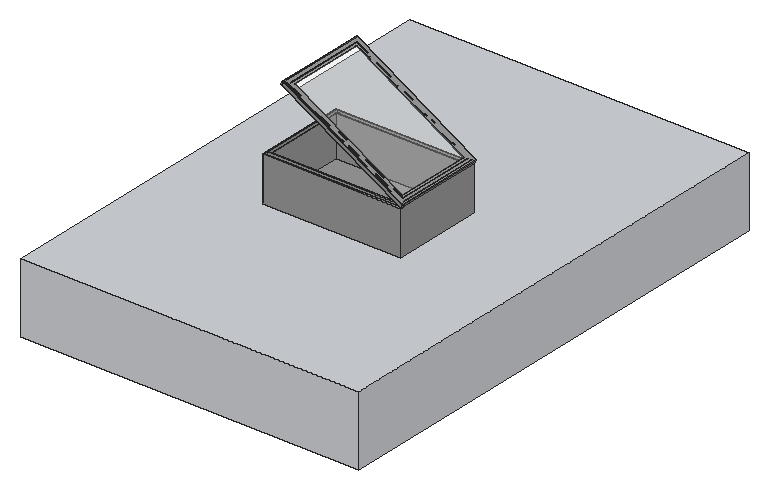
Revit family "Hager-Orion_Inox-IP66-D210-Cl.I-Inox_encl-630A-400mm-CH-en", category Equipement électrique, Revit 2020
Family settings
  Hôte = Face
  Configuration du panneau = Deux colonnes, circuits au sein
  Cote de connecteur circulaire = Utiliser le diamètre
  Type d'élément = Tableau de raccordement
  Couper avec des vides une fois chargée = Non
  Partagée = Non
  Point de calcul de pièce = Non
Parameters (values of type "Surface mounted (plaster) IP66 W600 H400 D210  - FL017TWL")
  Width Control [instance] = if([EF000008 - Width] > Min Width, [EF000008 - Width], Min Width)  # 600 mm
  Commentaires du type = [HG000003 - Range]  # "Orion Inox"
  Thickness Door [instance] = if([EF009171 - Material plate thickness door/cover] > 3 mm, 3 mm, [EF009171 - Material plate thickness door/cover])  # 1.5 mm
  Seal Frame Offset [instance] = 17 mm  # constant formula
  Model = ""
  Min Width [instance] = 100 mm  # constant formula
  Min Height [instance] = 100 mm  # constant formula
  Min Depth [instance] = (2 * [EF009170 - Material plate thickness cabinet]) + 1 mm  # 4 mm
  Internal Frame Depth [instance] = (Door System Depth * 0.5)  # 9 mm
  Height Control [instance] = if([EF000040 - Height] > Min Height, [EF000040 - Height], Min Height)  # 400 mm
  HG000027 - Plinth height = 0 mm
  HG000026 - Floor standing = no
  HG000024 - Bottom section height = 800 mm
  HG000023 - Double section enclosure = no
  HG000016 - Door 3d visibility [instance] = yes
  HG000015 - Clearance visibility [instance] = no
  HG000014 - Door on the right [instance] = yes
  HG000013 - Door on the left [instance] = not([HG000014 - Door on the right])  # no
  HG000012 - Door swing angle [instance] = 30.00°
  HG000010 - Asymmetric doors = no
  HG000009 - Double swing door = no
  HG000006 - Flush mounted = no
  HG000004 - Manufacturer reference = "FL017TWL"
  HG000003 - Range = "Orion Inox"
  HG000002 - With door or cover = yes
  Frame Offset Bottom [instance] = 10 mm  # constant formula
  Frame Offset [instance] = 15 mm  # constant formula
  EF015940 - Cover with overpressure release = no
  EF011959 - Degree of protection (NEMA) = ""
  EF009554 - Number of openings for flange plates = 0
  EF009212 - Cover model = "EV000116 - Closed"
  EF009171 - Material plate thickness door/cover = 1.5 mm
  EF009170 - Material plate thickness cabinet = 1.5 mm
  Fabricant = "Hager"  # constant formula
  EF008873 - Nominal current (In) = 630 A
  EF007800 - Suitable for lightning protection = no
  EF006306 - With lock = yes
  EF006244 - Transparent cover/door = yes
  EF005474 - Degree of protection (IP) = "EV006422 - IP66"
  EF004464 - Type of door = "EV002646 - Single"
  EF004427 - Number of modules = 0
  EF004293 - Impact strength = "EV006814 - IK08"
  EF003532 - Suitable for outdoor use = yes
  EF002950 - Width in number of modular spacings = 0
  EF001613 - Circuit integrity = "EV000494 - None"
  EF001596 - Material housing = "EV000166 - Stainless steel"
  EF001131 - Internal depth = 176 mm
  EF001088 - Extension possible = yes
  EF000437 - Number of conduit inlets = 0
  EF000339 - Type of cover = "EV004216 - Door"
  EF000266 - Number of rows = 0
  EF000218 - Built-in depth = 0 mm
  EF000118 - With mounting plate = no
  EF000116 - RAL-number = ""
  EF000049 - Depth = 210 mm
  EF000040 - Height = 400 mm
  EF000008 - Width = 600 mm
  EF000007 - Colour = "EV000154 - Other"
  EF000003 - Mounting method = "EV000384 - Surface mounted (plaster)"
  Door System Leaf Tolerance [instance] = 1.5 mm  # constant formula
  Door System Depth [instance] = 18 mm  # constant formula
  Depth Control [instance] = if([EF000049 - Depth] > Min Depth, [EF000049 - Depth], Min Depth)  # 210 mm
  Default Elevation = 0 mm
Types (12, lengths in mm): name | Width Control | HG000004 - Manufacturer reference | EF009212 - Cover model | EF006306 - With lock | EF006244 - Transparent cover/door | EF004293 - Impact strength | EF001613 - Circuit integrity | EF000008 - Width
  Surface mounted (plaster) IP66 W300 H400 D210  - FL015BW | 300 | "FL015BW" | "EV000116 - Closed" | yes | no | "EV008784 - IK10" | "EV000494 - None" | 300
  Surface mounted (plaster) IP66 W300 H400 D210  - FL015BWL | 300 | "FL015BWL" | "EV000116 - Closed" | yes | no | "EV008784 - IK10" | "EV000494 - None" | 300
  Surface mounted (plaster) IP66 W300 H400 D210  - FL015TW | 300 | "FL015TW" | "EV000116 - Closed" | yes | yes | "EV006814 - IK08" | "EV000494 - None" | 300
  Surface mounted (plaster) IP66 W300 H400 D210  - FL015TWL | 300 | "FL015TWL" | "EV000116 - Closed" | yes | yes | "EV006814 - IK08" | "EV000494 - None" | 300
  Surface mounted (plaster) IP66 W400 H400 D210  - FL016BW | 400 | "FL016BW" | "EV009916 - With notch" | no | no | "EV008784 - IK10" | "" | 400
  Surface mounted (plaster) IP66 W400 H400 D210  - FL016BWL | 400 | "FL016BWL" | "EV009916 - With notch" | no | no | "EV008784 - IK10" | "" | 400
  Surface mounted (plaster) IP66 W400 H400 D210  - FL016TW | 400 | "FL016TW" | "EV000116 - Closed" | yes | yes | "EV006814 - IK08" | "EV000494 - None" | 400
  Surface mounted (plaster) IP66 W400 H400 D210  - FL016TWL | 400 | "FL016TWL" | "EV000116 - Closed" | yes | yes | "EV006814 - IK08" | "EV000494 - None" | 400
  Surface mounted (plaster) IP66 W600 H400 D210  - FL017BW | 600 | "FL017BW" | "EV000116 - Closed" | yes | no | "EV008784 - IK10" | "EV000494 - None" | 600
  Surface mounted (plaster) IP66 W600 H400 D210  - FL017BWL | 600 | "FL017BWL" | "EV000116 - Closed" | yes | no | "EV008784 - IK10" | "EV000494 - None" | 600
  Surface mounted (plaster) IP66 W600 H400 D210  - FL017TW | 600 | "FL017TW" | "EV000116 - Closed" | yes | yes | "EV006814 - IK08" | "EV000494 - None" | 600
  Surface mounted (plaster) IP66 W600 H400 D210  - FL017TWL | 600 | "FL017TWL" | "EV000116 - Closed" | yes | yes | "EV006814 - IK08" | "EV000494 - None" | 600
Reference planes
  plane 1 "Center (Front/Back)": y = 0
  plane 2: z = 0
  plane 3 "Center (Left/Right)": x = 0
  plane 4: z = 210
  plane 5: y = 1.5
  plane 6: y = 200
  plane 7: y = 0
  plane 8: y = 400
  plane 9: z = 0
  plane 10: x = -285
  plane 11: x = 285
  plane 12: x = 283.5
  plane 13: x = -283.5
  plane 14: y = 398.5
  plane 15: x = -283
  plane 16: x = -300
  plane 17: x = 283
  plane 18: x = 300
  plane 19: x = 298.5
  plane 20: x = -298.5
  plane 21: y = 11.5
  plane 22: y = 400
  plane 23: y = 383.5
  plane 24: z = 192
  plane 25: z = 1.5
  plane 26: z = 190.5
  plane 27: z = 208.5
Forms (mm)
  Extrusion 1, solid
    sketch origin (0, 0, 0) x (1, 0, 0) y (0, 1, 0)
      loop
        line (-702.964, 1305) -> (-702.964, -811.445) -> (766.763, -811.445) -> (766.763, 1305) -> (-702.964, 1305)
    from 0 to -304.8
  Extrusion 2, solid, material "Hager_Stainless_Steel", detail levels medium+fine
    sketch origin (0, 0, 0) x (1, 0, 0) y (0, 1, 0)
      loop
        line (-300, 0) -> (300, 0) -> (300, 400) -> (-300, 400) -> (-300, 0)
    from 0 to 192
  Extrusion 3, solid, material "Hager_Steel_RAL 7035_Light_Grey", not visible, detail levels medium+fine
    sketch origin (0, 28.16, 50.802) x (0, 1, 0) y (0, 0, 1)
      loop
        line (223.34, -50.802) -> (223.34, 147.698)
        arc (223.34, 147.698) -> (220.411, 154.769) -> (213.34, 157.698) r 10
        line (213.34, 157.698) -> (183.34, 157.698) -> (183.34, -50.802) -> (223.34, -50.802)
    from -298.5 to 298.5
  Extrusion 4, void
    sketch origin (0, 0, 0) x (1, 0, 0) y (0, 1, 0)
      loop
        line (-298.5, 1.5) -> (298.5, 1.5) -> (298.5, 398.5) -> (-298.5, 398.5) -> (-298.5, 1.5)
    from 1.5 to 190.5
  Extrusion 5, void
    sketch origin (-381.607, -4572, 192) x (0, -1, 0) y (-1, 0, 0)
      loop
        line (-4583.5, -98.107) -> (-4955.5, -98.107) -> (-4955.5, -665.107) -> (-4583.5, -665.107) -> (-4583.5, -98.107)
    from 0 to 1.5 <- "EF009170 - Material plate thickness cabinet"
  Extrusion 6, solid, material "Hager_Stainless_Steel", detail levels fine
    sketch origin (-381.607, -4572, 192) x (-1, 0, 0) y (0, -1, 0)
      loop
        line (-98.107, -4583.5) -> (-665.107, -4583.5) -> (-665.107, -4955.5) -> (-98.107, -4955.5) -> (-98.107, -4583.5)
      loop
        line (-97.107, -4582) -> (-666.107, -4582) -> (-666.107, -4957) -> (-97.107, -4957) -> (-97.107, -4582)
    from 0 to 9 <- "Internal Frame Depth"
  Extrusion 7, solid, material "Hager_Stainless_Steel", detail levels coarse
    sketch origin (0, 0, 0) x (1, 0, 0) y (0, 1, 0)
      loop
        line (-300, 0) -> (300, 0) -> (300, 400) -> (-300, 400) -> (-300, 0)
    from 0 to 210
Cuts and joins
  Extrusion 4, Extrusion 5 cuts Extrusion 2
Lines and regions (mm)
  Masking region 1
    outline origin (0, 0, 0) x (1, 0, 0) y (0, 0, 1)
      loop
        line (-300, 210) -> (-300, 0) -> (300, 0) -> (300, 210) -> (-300, 210)
  Masking region 2, detail levels medium+fine
    outline origin (0, 140, 0) x (0, 1, 0) y (0, 0, 1)
      loop
        line (-140, 0) -> (260, 0) -> (260, 192) -> (-140, 192) -> (-140, 0)
  Masking region 3, not visible, detail levels medium+fine
    outline origin (0, 297.922, 0) x (0, 1, 0) y (0, 0, 1)
      loop
        line (-86.422, 0) -> (-46.422, 0) -> (-46.422, 198.5)
        arc (-46.422, 198.5) -> (-49.351, 205.571) -> (-56.422, 208.5) r 10
        line (-56.422, 208.5) -> (-86.422, 208.5) -> (-86.422, 0)
  Masking region 4, detail levels coarse
    outline origin (0, 0, 180) x (0, 1, 0) y (0, 0, 1)
      loop
        line (0, -180) -> (400, -180) -> (400, 30) -> (0, 30) -> (0, -180)
  Masking region 5
    outline origin (-381.607, -4572, 192) x (-1, 0, 0) y (0, -1, 0)
      loop
        line (-81.607, -4972) -> (-81.607, -4572) -> (-681.607, -4572) -> (-681.607, -4972) -> (-81.607, -4972)
Dimensions and locks
  "Depth Control": plane 4 to Extrusion 1
  "EF009170 - Material plate thickness cabinet": plane 5 to plane 7
  locked: connector elem to plane 3 "Center (Left/Right)"
  equal spacing: plane 8, plane 6, plane 7
  locked: connector elem to plane 6
  "EF009170 - Material plate thickness cabinet": plane 8 to plane 14
  "EF009170 - Material plate thickness cabinet": plane 10 to plane 13
  "EF009170 - Material plate thickness cabinet": plane 12 to plane 11
  "Frame Offset": plane 20 to plane 13
  "Frame Offset": plane 12 to plane 19
  "EF009170 - Material plate thickness cabinet": plane 16 to plane 20
  "EF009170 - Material plate thickness cabinet": plane 19 to plane 18
  "Seal Frame Offset": plane 16 to plane 15
  "Seal Frame Offset": plane 17 to plane 18
  "Frame Offset Bottom": plane 21 to plane 5
  "Frame Offset": plane 14 to plane 23
  equal spacing: plane 16, plane 3 "Center (Left/Right)", plane 18
  "Width Control": plane 16 to plane 18
  "EF009170 - Material plate thickness cabinet": plane 4 to plane 27
  "EF009170 - Material plate thickness cabinet": plane 24 to plane 26
  "EF009170 - Material plate thickness cabinet": plane 25 to level
  "Door System Depth": plane 4 to plane 24
  "Height Control": plane 1 "Center (Front/Back)" to Extrusion 7 sketch curve
  "Height Control": Masking region 4 sketch curve to plane 1 "Center (Front/Back)"
  "Thickness Door": Extrusion 6 sketch curve to plane 15
  "Thickness Door": plane 21 to Extrusion 6 sketch curve
  "Thickness Door": plane 17 to Extrusion 6 sketch curve
  "Thickness Door": Extrusion 6 sketch curve to plane 23
  "Height Control": plane 1 "Center (Front/Back)" to plane 22
  radius of Masking region 3 sketch curve = 10 mm
  radius of Extrusion 3 sketch curve = 10 mm
  aligned and locked: plane 2 to Extrusion 1
  aligned and locked: level to Extrusion 1
  aligned and locked: level to Masking region 1 sketch curve
  aligned and locked: Masking region 1 sketch curve to plane 18
  aligned and locked: Masking region 1 sketch curve to plane 16
  aligned and locked: plane 7 to Masking region 2 sketch curve
  aligned and locked: level to Masking region 3 sketch curve
  aligned and locked: Masking region 3 sketch curve to plane 27
  aligned and locked: level to Masking region 2 sketch curve
  aligned and locked: Extrusion 2 sketch curve to plane 7
  aligned and locked: plane 16 to Extrusion 2 sketch curve
  aligned and locked: plane 18 to Extrusion 2 sketch curve
  aligned and locked: Extrusion 3 sketch curve to level
  aligned and locked: plane 27 to Extrusion 3 sketch curve
  aligned and locked: plane 20 to Extrusion 3
  aligned and locked: plane 19 to Extrusion 3
  aligned and locked: plane 20 to Extrusion 4 sketch curve
  aligned and locked: plane 19 to Extrusion 4 sketch curve
  aligned and locked: Extrusion 4 sketch curve to plane 5
  aligned and locked: Extrusion 4 to plane 25
  aligned and locked: plane 26 to Extrusion 4
  aligned and locked: plane 24 to Extrusion 2
  aligned and locked: Extrusion 5 sketch curve to plane 21
  aligned and locked: Extrusion 5 sketch curve to plane 13
  aligned and locked: Extrusion 5 sketch curve to plane 12
  aligned and locked: plane 18 to Extrusion 7 sketch curve
  aligned and locked: plane 1 "Center (Front/Back)" to Extrusion 7 sketch curve
  aligned and locked: plane 16 to Extrusion 7 sketch curve
  aligned and locked: plane 4 to Extrusion 7
  aligned and locked: Extrusion 7 to level
  aligned and locked: level to Masking region 4 sketch curve
  aligned and locked: Masking region 4 sketch curve to plane 1 "Center (Front/Back)"
  aligned and locked: Masking region 4 sketch curve to plane 4
  aligned and locked: nested 1 to level
  aligned and locked: nested 1 to plane 16
  aligned and locked: plane 8 to Extrusion 2 sketch curve
  aligned and locked: plane 23 to Extrusion 5 sketch curve
  aligned and locked: plane 14 to Extrusion 4 sketch curve
  aligned and locked: Extrusion 6 sketch curve to plane 21
  aligned and locked: plane 13 to Extrusion 6 sketch curve
  aligned and locked: plane 23 to Extrusion 6 sketch curve
  aligned and locked: plane 12 to Extrusion 6 sketch curve
  aligned and locked: Masking region 2 sketch curve to plane 8
  aligned and locked: Masking region 2 sketch curve to plane 24
  aligned and locked: nested 2 to plane 3 "Center (Left/Right)"
  aligned and locked: nested 2 to plane 24
  aligned and locked: Masking region 5 sketch curve to plane 1 "Center (Front/Back)"
  aligned and locked: Masking region 5 sketch curve to plane 18
  aligned and locked: Masking region 5 sketch curve to plane 22
  aligned and locked: Masking region 5 sketch curve to plane 16
  aligned and locked: plane 8 to plane 22
  aligned and locked: plane 7 to plane 1 "Center (Front/Back)"
  aligned and locked: nested 2 to plane 1 "Center (Front/Back)"
Automatic sketch dimensions
  Extrusion 1 sketch curve to Extrusion 1 sketch curve = 1469.727 mm
  Extrusion 1 sketch curve to Extrusion 1 sketch curve = 2116.445 mm
  plane 6 to Masking region 3 sketch curve = 11.5 mm
  Masking region 3 sketch curve to Masking region 3 sketch curve = 30 mm
  plane 6 to Extrusion 3 sketch curve = 11.5 mm
  Extrusion 3 sketch curve to Extrusion 3 sketch curve = 30 mm
  Masking region 1 sketch curve to plane 4 = 0 mm
Nested families
  nested 1: "Hager_Enclosure_Symbol" at (-300, 0, 0) x (1, 0, 0) z (0, -1, 0), Height <- "Depth Control", Width <- "Width Control", type "Hager_Enclosure_Symbol"
    with Width_Ctrl 600 mm, Width 600 mm, Height_Ctrl 210 mm, Height 210 mm, A_Width_Int 13.781 mm, A_Width 165.375 mm, A_Height_Ctrl 183.75 mm, A_Height 183.75 mm
  nested 2: "EC000058_OrionInox_Door" at (0, 400, 192) x (1, 0, 0) z (0, -1, 0), Leaf_Tolerance <- "Door System Leaf Tolerance", Angle <- "HG000012 - Door swing angle", Door_Depth <- "Door System Depth", Door_Left <- "HG000013 - Door on the left", Transparent <- "EF006244 - Transparent cover/door", Assymetrical <- "HG000010 - Asymmetric doors", Width <- "Width Control", Clearance <- "HG000015 - Clearance visibility", Double <- "HG000009 - Double swing door", 3d_Door <- "HG000016 - Door 3d visibility", Width_Ctrl <- "Width Control", Door_Right <- "HG000014 - Door on the right", Door <- "HG000002 - With door or cover", Height <- "Height Control", Thickness <- "Thickness Door", type "EC000058_OrionInox_Door", detail levels medium+fine
    with min_wh 4 mm, Width_Ctrl 600 mm, Width 600 mm, Transparent yes, Thickness 1.5 mm, Seal_Material Hager_Rubber, Leaf_Width 600 mm, Leaf_Tolerance_External_Sides 0 mm, Leaf_Tolerance 1.5 mm, Leaf_Offset 0 mm, Leaf_Height 397 mm, Leaf_2_Width 600 mm, Leaf_2_Offset 300 mm, Leaf_1_Width 600 mm, Leaf_1_Offset 300 mm, Height_Ctrl 400 mm, Height 400 mm, Glass_Material Hager_Glass, Double_Clearance_Ctrl no, Double no, Door_Right_Ctrl yes, Door_Right yes, Door_Material Hager_Stainless_Steel, Door_Left_Ctrl no, Door_Left no, Door_Depth 18 mm, Door yes, Clearance_Material Hager_Clearance, Clearance_Depth 600 mm, Clearance_Ctrl no, Clearance no, Assymetrical no, Angle 30.00°, 3d_Door yes
Connectors
  electrical at (0, 200, 0)
    settings: on plane 9, index 1, voltage 0 V, apparent load 0 VA, apparent load phase1 0 VA, apparent load phase2 0 VA, apparent load phase3 0 VA, power factor 1, load classification "Other", number of poles 1, system type 30, power factor state 1, is connector primary yes, connector utility no, sub classification motor no, connector description ""
Definition of nested family "EC000058_OrionInox_Door"
  Parameters (values of type "EC000058_OrionInox_Door")
    min_wh [instance] = (2 * Thickness) + 1 mm  # 11 mm
    Width_Ctrl [instance] = 400 mm
    Width [instance] = 500 mm
    Transparent [instance] = yes
    Thickness [instance] = 5 mm
    Seal_Material [instance] = none
    Leaf_Width [instance] = if((Width_Ctrl - 2 * Leaf_Tolerance_External_Sides) > 0 mm, (Width_Ctrl - 2 * Leaf_Tolerance_External_Sides), min_wh)  # 400 mm
    Leaf_Tolerance_External_Sides [instance] = 0 mm  # constant formula
    Leaf_Tolerance [instance] = 1.5 mm
    Leaf_Offset [instance] = 0 mm  # constant formula
    Leaf_Height [instance] = if((Height_Ctrl - 2 * Leaf_Tolerance) > 0 mm, (Height_Ctrl - 2 * Leaf_Tolerance), min_wh)  # 497 mm
    Leaf_2_Width [instance] = if(and(and(Double, Assymetrical), Door_Left), (Leaf_Width / 3) - (Leaf_Tolerance / 2), if(and(and(Double, Assymetrical), Door_Right), (Leaf_Width / 3) * 2 - (Leaf_Tolerance / 2), if(and(Double, not(Assymetrical)), (Leaf_Width / 2) - Leaf_Tolerance, Leaf_Width)))  # 400 mm
    Leaf_2_Offset [instance] = if(and(Double, Assymetrical), Leaf_2_Width / 2, if(and(Double, not(Assymetrical)), Leaf_Width / 4, Leaf_Width / 2))  # 200 mm
    Leaf_1_Width [instance] = if(and(and(Double, Assymetrical), Door_Right), (Leaf_Width / 3) - (Leaf_Tolerance / 2), if(and(and(Double, Assymetrical), Door_Left), (Width / 3) * 2 - (Leaf_Tolerance / 2), if(and(Double, not(Assymetrical)), (Leaf_Width / 2) - Leaf_Tolerance, Leaf_Width)))  # 400 mm
    Leaf_1_Offset [instance] = if(and(Double, Assymetrical), Leaf_1_Width / 2, if(and(Double, not(Assymetrical)), Leaf_Width / 4, Leaf_Width / 2))  # 200 mm
    Height_Ctrl [instance] = if(Height > min_wh, Height, min_wh)  # 500 mm
    Height [instance] = 500 mm
    Glass_Material [instance] = none
    Double_Clearance_Ctrl [instance] = and(Double, Clearance)  # no
    Double [instance] = no
    Door_Right_Ctrl [instance] = and(or(Door_Right, Double), Door)  # yes
    Door_Right [instance] = yes
    Door_Material [instance] = none
    Door_Left_Ctrl [instance] = and(or(Door_Left, Double), Door)  # no
    Door_Left [instance] = no
    Door_Depth [instance] = 30 mm
    Door [instance] = yes
    Default Elevation = 1219.2 mm
    Clearance_Material [instance] = none
    Clearance_Depth [instance] = if(Leaf_1_Width > Leaf_2_Width, Leaf_1_Width, Leaf_2_Width)  # 400 mm
    Clearance_Ctrl [instance] = and(not(Double), Clearance)  # yes
    Clearance [instance] = yes
    Assymetrical [instance] = yes
    Angle [instance] = 30.00°
    3d_Door [instance] = yes
  Reference planes
    plane 1 "Center (Front/Back)": y = 0
    plane 2 "Bottom": z = 0
    plane 3 "Center (Left/Right)": x = 0
    plane 4: z = 500
    plane 5: x = -200
    plane 6: x = 200
    plane 7: z = 500
    plane 8: x = -200
    plane 9: z = 0
    plane 10: x = 200
    plane 11: y = 0
    plane 12: z = 1.5
    plane 13: x = -600
    plane 14: y = -400
    plane 15: x = 600
    plane 16: x = 0
    plane 17: x = 0
    plane 18: x = -200
    plane 19: x = 200
    plane 20: z = 498.5
  Forms (mm)
    Extrusion 1, solid, material <- "Clearance_Material", visible <- "Double_Clearance_Ctrl"
      sketch origin (1200, 0, 0) x (1, 0, 0) y (0, 0, -1)
        loop
          line (-1800, -498.5) -> (-600, -498.5) -> (-600, 0) -> (-1800, 0) -> (-1800, -498.5)
      from 0 to -400
  Dimensions and locks
    equal spacing: plane 5, plane 3 "Center (Left/Right)", plane 6
    "Width_Ctrl": plane 5 to plane 6
    "Leaf_Offset": plane 5 to plane 8
    "Leaf_Offset": plane 6 to plane 10
    "Leaf_Offset": plane 9 to level
    "Leaf_Offset": plane 4 to plane 7
    "Height_Ctrl": plane 4 to level
    "Leaf_Tolerance": plane 12 to plane 9
    locked: plane 11 to plane 1 "Center (Front/Back)"
    "Leaf_1_Offset": plane 18 to plane 16
    "Leaf_2_Offset": plane 17 to plane 19
    "Leaf_1_Width": plane 13 to plane 8
    "Leaf_2_Width": plane 10 to plane 15
    "Clearance_Depth": plane 14 to plane 1 "Center (Front/Back)"
    "Leaf_Tolerance_External_Sides": plane 8 to plane 18
    "Leaf_Tolerance_External_Sides": plane 19 to plane 10
    "Leaf_Tolerance": plane 7 to plane 20
    aligned and locked: level to plane 2 "Bottom"
    aligned and locked: nested 1 to plane 16
    aligned and locked: nested 2 to plane 17
    aligned and locked: Extrusion 1 to plane 13
    aligned and locked: plane 15 to Extrusion 1
    aligned and locked: Extrusion 1 to plane 14
    aligned and locked: plane 12 to nested 1
    aligned and locked: nested 2 to plane 12
    aligned and locked: Extrusion 1 to plane 11
    aligned and locked: plane 20 to Extrusion 1
    aligned and locked: nested 2 to plane 11
    aligned and locked: nested 1 to plane 11
  Automatic sketch dimensions
    Extrusion 1 sketch curve to level = 0 mm
    plane 5 to Extrusion 1 sketch curve = 400 mm
    plane 6 to Extrusion 1 sketch curve = 400 mm
    Extrusion 1 sketch curve to plane 4 = 1.5 mm
  Nested families
    nested 1: "EC000058_OrionInox_Door_Leaf" at (0, 0, 1.5), Width <- "Leaf_1_Width", visible <- "Door_Left_Ctrl", Leaf_Height <- "Leaf_Height", Angle <- "Angle", 3d_Door <- "3d_Door", Transparent <- "Transparent", Clearance Material <- "Clearance_Material", Clearance <- "Clearance_Ctrl", Door_Material <- "Door_Material", Glass_Material <- "Glass_Material", Door_Depth <- "Door_Depth", Seal_Material <- "Seal_Material", Thickness <- "Thickness", type "EC000058_OrionInox_Door_Leaf"
      with Width 400 mm, Transparent_Ctrl yes, Transparent yes, Thickness 5 mm, Standard no, Seal_Material none, Seal_D2 8 mm, Seal_D1 1 mm, Offset_Internal_Frame 10 mm, Lock_Width 28 mm, Lock_Thickness 2 mm, Lock_Radius 6 mm, Leaf_Height 497 mm, Internal_Seal_Thickness 8 mm, Internal_Seal_Depth_2 4.5 mm, Internal_Frame_Depth 25 mm, Glass_Thickness -1 mm, Glass_Offset -2 mm, Glass_Material none, Door_Material none, Door_Depth 30 mm, Clearance Material none, Clearance yes, Angle_Ctrl 30.00°, Angle 30.00°, 3d_Door yes
    nested 2: "EC000058_OrionInox_Door_Leaf" at (0, 0, 1.5) x (-1, 0, 0) z (0, 0, 1), Width <- "Leaf_2_Width", visible <- "Door_Right_Ctrl", Leaf_Height <- "Leaf_Height", Angle <- "Angle", 3d_Door <- "3d_Door", Transparent <- "Transparent", Clearance Material <- "Clearance_Material", Clearance <- "Clearance_Ctrl", Door_Material <- "Door_Material", Glass_Material <- "Glass_Material", Door_Depth <- "Door_Depth", Seal_Material <- "Seal_Material", Thickness <- "Thickness", type "EC000058_OrionInox_Door_Leaf"
      with Width 400 mm, Transparent_Ctrl yes, Transparent yes, Thickness 5 mm, Standard no, Seal_Material none, Seal_D2 8 mm, Seal_D1 1 mm, Offset_Internal_Frame 10 mm, Lock_Width 28 mm, Lock_Thickness 2 mm, Lock_Radius 6 mm, Leaf_Height 497 mm, Internal_Seal_Thickness 8 mm, Internal_Seal_Depth_2 4.5 mm, Internal_Frame_Depth 25 mm, Glass_Thickness -1 mm, Glass_Offset -2 mm, Glass_Material none, Door_Material none, Door_Depth 30 mm, Clearance Material none, Clearance yes, Angle_Ctrl 30.00°, Angle 30.00°, 3d_Door yes
  Definition of nested family "EC000058_OrionInox_Door_Leaf"
    Parameters (values of type "EC000058_OrionInox_Door_Leaf")
      Width [instance] = 450 mm
      Transparent_Ctrl [instance] = and(Transparent, [3d_Door])  # yes
      Transparent [instance] = yes
      Thickness [instance] = 5 mm
      Standard [instance] = and(not(Transparent), [3d_Door])  # no
      Seal_Material [instance] = none
      Seal_D2 [instance] = 8 mm  # constant formula
      Seal_D1 [instance] = 1 mm  # constant formula
      Offset_Internal_Frame [instance] = 10 mm  # constant formula
      Lock_Width [instance] = Door_Depth - Lock_Thickness  # 28 mm
      Lock_Thickness [instance] = 2 mm  # constant formula
      Lock_Radius [instance] = 6 mm  # constant formula
      Leaf_Height [instance] = 450 mm
      Internal_Seal_Thickness [instance] = 8 mm  # constant formula
      Internal_Seal_Depth_2 [instance] = 4.5 mm  # constant formula
      Internal_Frame_Depth [instance] = if(Door_Depth - Thickness > 5 mm, Door_Depth - Thickness, 5 mm)  # 25 mm
      Glass_Thickness [instance] = if(Thickness > 15 mm, Glass_Offset + 10 mm, -1 mm)  # -1 mm
      Glass_Offset [instance] = if(Thickness > 15 mm, -(Thickness + 10 mm) / 2, -2 mm)  # -2 mm
      Glass_Material [instance] = none
      Door_Material [instance] = none
      Door_Depth [instance] = 30 mm
      Default Elevation = 0 mm
      Clearance Material [instance] = none
      Clearance [instance] = yes
      Angle_Ctrl [instance] = if(Angle > 180.00°, 180.00°, Angle)  # 90.00°
      Angle [instance] = 90.00°
      3d_Door [instance] = yes
    Reference planes
      plane 1 "Center (Front/Back)": y = 0
      plane 2: z = 0
      plane 3 "Center (Left/Right)": x = 0
      plane 4: y = 450
      plane 5: x = -225
      plane 6: x = 225
      plane 7: x = -675
      plane 8: z = 450
      plane 9: z = 30
      plane 10: z = 420
      plane 11: x = 195
      plane 12: x = -195
      plane 13: y = -3
      plane 14: z = 107.833
      plane 15: y = -5
      plane 16: y = -223.314
      plane 17: x = -225
      plane 18: y = 30
    Forms (mm)
      Extrusion 1, solid, material <- "Clearance Material", visible <- "Clearance"
        sketch origin (0, 0, 0) x (1, 0, 0) y (0, 0, 1)
          loop
            line (-675, 450) -> (-675, 0) -> (225, 0) -> (225, 450) -> (-675, 450)
        from 0 to -450
      Extrusion 2, solid, material <- "Door_Material", visible <- "Standard", detail levels medium+fine
        sketch origin (-225, 0, 0) x (0, 1, 0) y (-1, 0, 0)
          loop
            line (0, 30) -> (0, 25) -> (450, 25) -> (450, 30) -> (0, 30)
        from 0 to 450 <- "Leaf_Height"
      Extrusion 3, solid, material <- "Door_Material", visible <- "Transparent_Ctrl", detail levels medium+fine
        sketch origin (-225, 0, 0) x (0, 1, 0) y (-1, 0, 0)
          loop
            line (0, 25) -> (450, 25) -> (450, 30) -> (0, 30) -> (0, 25)
        from 0 to 450 <- "Leaf_Height"
      Extrusion 4, void
        sketch origin (-250, 450, 0) x (0, 1, 0) y (0, 0, -1)
          loop
            line (-30, -420) -> (-30, -30) -> (-420, -30) -> (-420, -420) -> (-30, -420)
        from 0 to 5 <- "Thickness"
      Sweep 5, solid, material <- "Seal_Material", visible <- "Transparent_Ctrl", detail levels fine
        path in 3D
          loop
            line (-250, 30, 30) -> (-250, 30, 420) -> (-250, 420, 420) -> (-250, 420, 30) -> (-250, 30, 30)
        profile origin (-250, 225, 30) x (1, 0, 0) y (0, 0, 1)
          loop
            line (0, 0) -> (0, -8) -> (1, -8) -> (1, 0) -> (0, 0)
      Extrusion 6, solid, material <- "Glass_Material", visible <- "Transparent_Ctrl", detail levels medium+fine
        sketch origin (-255, 0, 0) x (0, 1, 0) y (0, 0, -1)
          loop
            line (420, -420) -> (420, -30) -> (30, -30) -> (30, -420) -> (420, -420)
        from -2 <- "Glass_Offset" to -1 <- "Glass_Thickness"
      Extrusion 7, solid, material <- "Door_Material", visible <- "3d_Door", detail levels medium+fine
        sketch origin (-250, 450, 0) x (0, -1, 0) y (0, 0, -1)
          loop
            line (0, -450) -> (450, -450) -> (450, 0) -> (0, 0) -> (0, -450)
          loop
            line (445, -5) -> (5, -5) -> (5, -445) -> (445, -445) -> (445, -5)
        from 0 to 25 <- "Internal_Frame_Depth"
      Sweep 8, solid, material <- "Seal_Material", visible <- "Transparent_Ctrl", detail levels fine
        path in 3D
          loop
            line (-250, 0, 0) -> (-250, 450, 0) -> (-250, 450, 450) -> (-250, 0, 450) -> (-250, 0, 0)
        profile origin (-250, 0, 225) x (1, 0, 0) y (0, 1, 0)
          loop
            line (0, 10) -> (2.975, 10)
            arc (2.975, 10) -> (4.053, 10.447) -> (4.5, 11.525) r 1.525
            line (4.5, 11.525) -> (4.5, 16.527)
            arc (4.5, 16.527) -> (4.069, 17.569) -> (3.027, 18) r 1.473
            line (3.027, 18) -> (0, 18) -> (0, 10)
    Cuts and joins
      Extrusion 4 cuts Extrusion 3
    Lines and regions (mm)
      Masking region 1, detail levels medium+fine
        outline origin (0, 0, 0) x (0, 1, 0) y (0, 0, 1)
          loop
            line (0, 0) -> (30, 0) -> (30, 450) -> (0, 450) -> (0, 0)
      Masking region 2, detail levels medium+fine
        outline origin (0, 0, 0) x (1, 0, 0) y (0, 0, 1)
          loop
            line (-225, 450) -> (-225, 0) -> (225, 0) -> (225, 450) -> (-225, 450)
      symbolic lines
        curve 1: line (225, 0, 0) -> (-675, 0, 0)
        curve 2: arc (225, 0, 0) -> (-225, 450, 0) -> (-675, 0, 0) r 450
        curve 4: line (-255, 0, 0) -> (-255, 450, 0)
      reference lines
        curve 3: line (-225, 0, 0) -> (-225, 450, 0)
      symbolic lines, detail levels medium+fine
        curve 5: line (-255, 450, 0) -> (-250, 450, 0)
        curve 7: line (-250, 0, 0) -> (-255, 0, 0)
        curve 8: line (-250, 0, 0) -> (-225, 0, 0)
        curve 9: line (-225, 0, 0) -> (-225, 450, 0)
        curve 10: line (-225, 450, 0) -> (-250, 450, 0)
      symbolic lines, detail levels fine
        curve 6: line (-250, 450, 0) -> (-250, 0, 0)
      sketch lines
        curve 11: line (-250, 0, 450) -> (-250, 0, 0)
        curve 12: line (-250, 450, 0) -> (-250, 0, 0)
        curve 13: line (-250, 450, 450) -> (-250, 450, 0)
        curve 14: line (-250, 0, 450) -> (-250, 450, 450)
        curve 15: line (-250, 420, 30) -> (-250, 30, 30)
        curve 16: line (-250, 30, 30) -> (-250, 30, 420)
        curve 17: line (-250, 420, 420) -> (-250, 420, 30)
        curve 18: line (-250, 30, 420) -> (-250, 420, 420)
      symbolic lines, visible <- "Transparent", detail levels medium+fine
        curve 19: line (-195, 0, 420) -> (195, 0, 420)
        curve 20: line (-195, 0, 30) -> (-195, 0, 420)
        curve 21: line (195, 0, 30) -> (-195, 0, 30)
        curve 22: line (195, 0, 420) -> (195, 0, 30)
    Dimensions and locks
      "Width": plane 1 "Center (Front/Back)" to plane 4
      equal spacing: plane 5, plane 3 "Center (Left/Right)", plane 6
      "Width": plane 5 to plane 6
      "Width": plane 7 to plane 5
      "Leaf_Height": plane 8 to level
      "Width": curve 5 to curve 3
      "Width": curve 3 to curve 3
      plane 8 to plane 10 = 30 mm
      plane 9 to level = 30 mm
      plane 12 to plane 5 = 30 mm
      plane 6 to plane 11 = 30 mm
      Extrusion 4 sketch curve to Extrusion 3 = 30 mm
      Extrusion 3 to Extrusion 4 sketch curve = 30 mm
      Extrusion 1 to Extrusion 4 sketch curve = 30 mm
      curve 3 to Extrusion 4 sketch curve = 30 mm
      Extrusion 4 sketch curve to cut or joined group of Extrusion 3, Extrusion 4 = 30 mm
      cut or joined group of Extrusion 3, Extrusion 4 to Extrusion 6 sketch curve = 30 mm
      cut or joined group of Extrusion 3, Extrusion 4 to Extrusion 4 sketch curve = 30 mm
      "Thickness": curve 6 to curve 4
      "Thickness": Extrusion 7 sketch curve to Extrusion 7 sketch curve  (x4)
      "Door_Depth": curve 4 to curve 3
      "Offset_Internal_Frame": profile plane to Sweep 8 sketch curve
      "Internal_Seal_Thickness": Sweep 8 sketch curve to Sweep 8 sketch curve
      "Internal_Seal_Depth_2": profile plane to Sweep 8 sketch curve
      "Seal_D1": profile plane to Sweep 5 sketch curve
      "Seal_D2": profile plane to Sweep 5 sketch curve
      "Thickness": Extrusion 2 sketch curve to Extrusion 2 sketch curve
      "Door_Depth": plane 18 to plane 1 "Center (Front/Back)"
      radius of Sweep 8 sketch curve = 1.525 mm
      radius of Sweep 8 sketch curve = 1.473 mm
      "Angle_Ctrl": angle plane 1 "Center (Front/Back)" to curve 3
      aligned and locked: level to plane 2
      aligned and locked: Extrusion 1 to curve 1
      aligned and locked: plane 6 to Extrusion 1
      aligned and locked: plane 1 "Center (Front/Back)" to Extrusion 1
      aligned and locked: plane 4 to Extrusion 1
      aligned and locked: plane 8 to Extrusion 1
      aligned and locked: curve 7 to Extrusion 2 sketch curve
      aligned and locked: curve 5 to Extrusion 2 sketch curve
      aligned and locked: curve 7 to Extrusion 3 sketch curve
      aligned and locked: Extrusion 3 sketch curve to curve 4
      aligned and locked: Extrusion 3 sketch curve to curve 6
      aligned and locked: Extrusion 3 sketch curve to curve 5
      aligned and locked: curve 9 to curve 3
      aligned and locked: Extrusion 7 sketch curve to cut or joined group of Extrusion 3, Extrusion 4  (x4)
      aligned and locked: plane 17 to curve 3
      aligned and locked: plane 1 "Center (Front/Back)" to curve 3
      aligned and locked: plane 17 to plane 5
      aligned and locked: Sweep 8 sketch curve to profile plane
      aligned and locked: Sweep 5 sketch curve to profile plane  (x2)
      aligned and locked: plane 1 "Center (Front/Back)" to Masking region 1 sketch curve
      aligned and locked: plane 18 to Masking region 1 sketch curve
      aligned and locked: level to Masking region 1 sketch curve
      aligned and locked: Masking region 1 sketch curve to plane 8
      aligned and locked: plane 17 to Masking region 2 sketch curve
      aligned and locked: level to Masking region 2 sketch curve
      aligned and locked: Masking region 2 sketch curve to plane 8
      aligned and locked: plane 12 to curve 20
      aligned and locked: plane 10 to curve 19
      aligned and locked: plane 11 to curve 22
      aligned and locked: plane 9 to curve 21
      aligned and locked: Extrusion 2 sketch curve to cut or joined group of Extrusion 3, Extrusion 4
    Automatic sketch dimensions
      plane 1 "Center (Front/Back)" to curve 2 = 0 mm
      curve 2 to plane 5 = 0 mm
      Extrusion 1 sketch curve to level = 0 mm
      Extrusion 1 sketch curve to plane 7 = 0 mm
      Extrusion 1 sketch curve to plane 6 = 0 mm
      Extrusion 1 sketch curve to plane 8 = 0 mm
      Extrusion 3 to Extrusion 6 sketch curve = 30 mm  (x4)
      Masking region 2 sketch curve to plane 6 = 0 mm
      curve 4 to curve 3 = 0 mm
Definition of nested family "Hager_Enclosure_Symbol"
  Parameters (values of type "Hager_Enclosure_Symbol")
    Width_Ctrl [instance] = if(Width > 1 mm, Width, 1 mm)  # 102.27 mm
    Width [instance] = 102.27 mm
    Height_Ctrl [instance] = if(Height > 1 mm, Height, 1 mm)  # 66.5 mm
    A_Width_Int [instance] = if(A_Width / 12 > 2 mm, A_Width / 12, 2 mm)  # 4.364 mm
    A_Width [instance] = if(A_Height_Ctrl * 0.9 > 2 mm, A_Height_Ctrl * 0.9, 2 mm)  # 52.369 mm
    A_Height_Ctrl [instance] = if(A_Height > 2 mm, A_Height, 2 mm)  # 58.188 mm
    Height [instance] = 66.5 mm
    A_Height [instance] = Height - (Height / 8)  # 58.188 mm
  Reference planes
    plane 1 "Centre (avant/arrière)": y = 0
    plane 2: z = 0
    plane 3 "Centre (gauche/droite)": x = 0
    plane 4: x = 52.369
    plane 5: y = 33.042
    plane 6: y = 41.77
    plane 7: y = 66.5
    plane 8: x = 26.184
    plane 9: y = 37.406
    plane 10: x = 102.27
    plane 11: y = 66.5
    plane 12: y = 8.313
  Lines and regions (mm)
    Filled region 1, type "Solid_Black", in view "Niveau de réf."
      outline origin (0, 0, 0) x (1, 0, 0) y (0, 1, 0)
        loop
          line (52.369, 66.5) -> (33.188, 54.536) -> (45.365, 45.006) -> (52.369, 66.5)
    Filled region 2, type "Solid_Black", in view "Niveau de réf."
      outline origin (0, 0, 0) x (1, 0, 0) y (0, 1, 0)
        loop
          line (0, 0) -> (102.27, 0) -> (102.27, 66.5) -> (0, 0)
    detail lines, in view "Niveau de réf."
      curve 1: line (0, 8.313, 0) -> (26.184, 41.77, 0)
      curve 2: line (26.184, 41.77, 0) -> (26.184, 33.042, 0)
      curve 3: line (26.184, 33.042, 0) -> (52.369, 66.5, 0)
  Dimensions and locks
    "A_Width": plane 3 "Centre (gauche/droite)" to plane 4
    equal spacing: plane 3 "Centre (gauche/droite)", plane 8, plane 4
    equal spacing: plane 6, plane 9, plane 5
    equal spacing: curve 3, Filled region 1 sketch curve, Filled region 1 sketch curve
    "Height_Ctrl": plane 1 "Centre (avant/arrière)" to plane 11
    "A_Height_Ctrl": plane 11 to plane 12
    equal spacing: plane 11, plane 9, plane 12
    "A_Width_Int": plane 6 to plane 9
    "Width_Ctrl": plane 3 "Centre (gauche/droite)" to plane 10
    angle Filled region 1 sketch curve to curve 3 = 20.00°
    angle curve 3 to Filled region 1 sketch curve = 20.00°
    locked: curve 3 to Filled region 1 sketch curve (angle 90.00°)
    aligned and locked: plane 10 to Filled region 2
    aligned and locked: plane 11 to Filled region 2 sketch curve
    aligned and locked: plane 10 to Filled region 2 sketch curve
    aligned and locked: plane 3 "Centre (gauche/droite)" to curve 1
    aligned and locked: plane 12 to curve 1
    aligned and locked: plane 7 to plane 11
  Automatic sketch dimensions
    Filled region 1 sketch curve to plane 4 = 0 mm
    Filled region 1 sketch curve to plane 7 = 0 mm
    plane 1 "Centre (avant/arrière)" to Filled region 2 sketch curve = 0 mm
    Filled region 2 sketch curve to plane 3 "Centre (gauche/droite)" = 0 mm
    curve 2 to plane 6 = 0 mm
    curve 2 to plane 8 = 0 mm
    curve 3 to plane 4 = 0 mm
    curve 2 to plane 5 = 0 mm
    curve 3 to plane 7 = 0 mm
